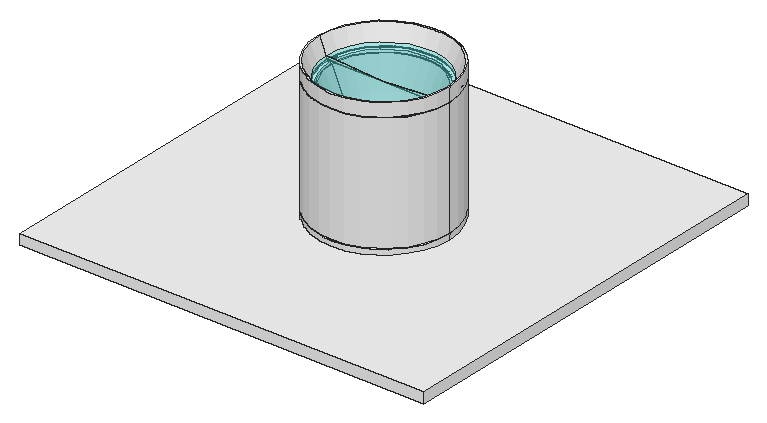
Revit family "BE_24400_de_DE", category Leuchten, Revit 2020
Family settings
  Basisbauteil = Fläche
  Bemaßung runder Anschluss = Durchmesser verwenden
  Teiletyp = Normal
  Beim Laden mit Abzugskörper schneiden = Ja
  Lichtquelle = Ja
  Gemeinsam genutzt = Nein
  Raumberechnungspunkt = Ja
Parameters (values of type "BEGA_24400_Weiß_K4")
  built-in parameter 1150104 = 14.4 (stored number, unit not read)
  Wattage = 8.1 W
  Default Elevation = 0 mm
  built-in parameter 1150113 = 1 (stored number, unit not read)
  built-in parameter 1114218 = 1 (stored number, unit not read)
  Umgebungstemperatur = "25 °C"
  URL = "https://www.bega.com/de/produkt/24400"
  Typenkommentare = "© 2022 BEGA. Wir behalten uns das Recht vor, technische Änderungen ohne vorherige Ankündigung vorzunehmen."  # constant formula
  Type Image = 24400.png
  built-in parameter 1150134 = 12
  built-in parameter 1150109 = 1 (stored number, unit not read)
  Strom = ""
  built-in parameter 1150110 = 1 (stored number, unit not read)
  Spannung = 239.996 V
  Sonderanfertigung = no
  Seriennummer [instance] = "Hier können Sie die eindeutige Seriennummer für das Facility Management eintragen."
  Schutzklasse = "I"
  Schutzart = "IP 65"
  Scheinlast = 0 VA
  Produktdatenblatt = "https://cdn.bega.com/bega/products/24400WK4/current/documents/data-sheets/de"
  Oberflächentemperatur = ""
  Neigungswinkel = 0.00°
  Modell = "24400WK4"
  Material_17 = BEGA_Reflektor
  Material_15 = BEGA_Leuchtmedium_matt
  Material_11 = BEGA_Glas_opal
  Material_09 = BEGA_Glas_klar
  Material_06 = BEGA_Oberfläche_Edelstahl_gebürstet
  Material_03 = BEGA_Oberfläche_Weiss_matt
  Material_02 = BEGA_Oberfläche_Silber_matt
  Material_01 [instance] = BEGA_Oberfläche_Grafit_matt
  M_W = yes
  M_G = no
  M_A = no
  Logo = 0
  built-in parameter 1114217 = 1 (stored number, unit not read)
  built-in parameter 1150139 = (empty or 0)
  built-in parameter 1150105 = 99.91 (stored number, unit not read)
  built-in parameter 1150114 = 1 (stored number, unit not read)
  Lumens = 1255.5 lm
  built-in parameter 1150115 = 1 (stored number, unit not read)
  Leuchtenlichtstrom = "1205 lm"
  Leuchtenanzahl = ""
  Lebensdauerkriterien = "L70B50 @ 25 °C = 200000 h"
  Lastklassifizierung = Beleuchtung
  built-in parameter 1150112 = 1 (stored number, unit not read)
  Lampenlichtstrom = "1500 lm"
  Lampe = "LED 8.1 W"
  LED_Modulbezeichnung = "LED-0800/840"
  Hersteller = "BEGA"  # constant formula
  Halbstreuwinkel = ""
  Gewicht = "1.3 kg"
  Gebrauchslageneinschränkung [instance] = ""
  Frequenz = "0/50-60 Hz"
  Farbwiedergabeindex = "CRI > 80"
  Farbtemperaturverschiebung bei Dämpfen der Lampe = <Keine Auswahl>
  Farbtemperatur = "4000 K"
  Color Filter = 16777215
  built-in parameter 1150133 = 10 (stored number, unit not read)
  Energieeffizienzklasse = "LED A++ - A"
  built-in parameter 1150137 = (empty or 0)
  built-in parameter 1150132 = (empty or 0)
  ENEC = "ja"
  Dimmbar [instance] = "DALI"
  Datei für fotometrisches Netz = "BE_24400K4.IES"
  CE_Konformität = "ja"
  Bestellnummer = "24400WK4"
  Beschreibung_Sonderanfertigung = "Hier können Sie Informationen zur Sonderanfertigung eintragen."
  Beschreibung = "Deckenaufbau-Tiefstrahler"
  built-in parameter 1150106 = 0.9991 (stored number, unit not read)
  Befestigungsbohrung = "Ø 4,3 mm"
  Befestigungsabstand = "106 mm"
  Ballwurfsicher = ""
  BEGA_Intern_aus = yes
  BEGA_Intern_an = yes
  BEGA_Intern_Konstruktion = yes
  BEGA_Intern = yes
  BEGA_IES = yes
  BEGA_Dummy = no
  Anschlussleitung = ""
  Anschlussleistung [instance] = "9.5 W"
  Anschlusskasten = ""
  built-in parameter 1150107 = 4000 (stored number, unit not read)
  built-in parameter 1150102 = (empty or 0)
  built-in parameter 1150138 = (empty or 0)
  Aktualisierung = "2022-05-18T04:00:07"
  Abstand_zur_angestrahlten_Fläche [instance] = ""
  AC/DC = "AC/DC"
Types (4, lengths in mm): name | built-in parameter 1150104 | built-in parameter 1150134 | Modell | M_W | M_G | built-in parameter 1150105 | Lumens | Leuchtenlichtstrom | Lampenlichtstrom | LED_Modulbezeichnung | Farbtemperatur | Datei für fotometrisches Netz | Bestellnummer | built-in parameter 1150106 | built-in parameter 1150107
  BEGA_24400_Grafit_K4 | 14.4 (stored number, unit not read) | 12 | "24400K4" | no | yes | 99.91 (stored number, unit not read) | 1255.5 lm | "1205 lm" | "1500 lm" | "LED-0800/840" | "4000 K" | "BE_24400K4.IES" | "24400K4" | 0.9991 (stored number, unit not read) | 4000 (stored number, unit not read)
  BEGA_24400_Grafit_K3 | 14.028 (stored number, unit not read) | (empty or 0) | "24400K3" | no | yes | 97.331 (stored number, unit not read) | 1223.1 lm | "1177 lm" | "1465 lm" | "LED-0800/830" | "3000 K" | "BE_24400K3.IES" | "24400K3" | 0.97331 (stored number, unit not read) | 3000 (stored number, unit not read)
  BEGA_24400_Weiß_K3 | 14.028 (stored number, unit not read) | (empty or 0) | "24400WK3" | yes | no | 97.331 (stored number, unit not read) | 1223.1 lm | "1177 lm" | "1465 lm" | "LED-0800/830" | "3000 K" | "BE_24400K3.IES" | "24400WK3" | 0.97331 (stored number, unit not read) | 3000 (stored number, unit not read)
  BEGA_24400_Weiß_K4 | 14.4 (stored number, unit not read) | 12 | "24400WK4" | yes | no | 99.91 (stored number, unit not read) | 1255.5 lm | "1205 lm" | "1500 lm" | "LED-0800/840" | "4000 K" | "BE_24400K4.IES" | "24400WK4" | 0.9991 (stored number, unit not read) | 4000 (stored number, unit not read)
Reference planes
  plane 1 "Mitte (Vorne/Hinten)": y = 0
  plane 2: z = 0
  plane 3 "Mitte (Links/Rechts)": x = 0
  plane 4 "Links": x = -65
  plane 5 "Rechts": x = 65
  plane 6 "Unten": y = -65
  plane 7 "Oben": y = 65
  plane 8 "Vorne": z = 135.379
  plane 9 "Hinten": z = 0
Forms (mm)
  Extrusion 1, solid, material "BEGA_Platte_Weiss"
    sketch origin (0, -1119.2, 0) x (1, 0, 0) y (0, 1, 0)
      loop
        line (-200, 1319.2) -> (-200, 919.2) -> (200, 919.2) -> (200, 1319.2) -> (-200, 1319.2)
    from 0 to -10
  Extrusion 2, solid, material "BEGA_Dummy_matt", visible <- "BEGA_Dummy"
    sketch origin (77.149, -76.023, 0) x (1, 0, 0) y (0, 1, 0)
      loop
        circle (-77.149, 76.023) r 65
    from 0 to 135.379
Dimensions and locks
  plane 1 "Mitte (Vorne/Hinten)" to Extrusion 1 = 200 mm
  aligned and locked: plane 2 to Extrusion 1
  aligned and locked: level to Extrusion 1
Nested families
  nested 1: "BE_24400" at (0, 0, 0), type "BE_24400"
Connectors
  electrical at (0, 0, 0), driven by "Lastklassifizierung", driven by "Spannung", driven by "Scheinlast"
    settings: index 1, voltage 239.996 V, apparent load 0 VA, apparent load phase1 0 VA, apparent load phase2 0 VA, apparent load phase3 0 VA, power factor 1, load classification "Beleuchtung", number of poles 1, system type 31, power factor state 1, is connector primary yes, connector utility no, sub classification motor no, connector description ""
Definition of nested family "BE_24400"
  Parameters (values of type "BE_24400")
    Default Elevation = 1 mm
    URL = "http://www.bega.de/de/produkt"
    Type Comments = "© 2015 BEGA. Wir behalten uns das Recht vor, technische Änderungen ohne vorherige Ankündigung vorzunehmen. "  # constant formula
    Type Image = (empty or 0)
    Neigungswinkel_um_Z2 = 0.00°
    Neigungswinkel_um_Z1 = 0.00°
    Neigungswinkel_um_Y2 = 0.00°
    Neigungswinkel_um_Y1 = 0.00°
    Neigungswinkel_um_X2 = 0.00°
    Neigungswinkel_um_X1 = 0.00°
    Material_17 = none
    Material_15 = none
    Material_11 = none
    Material_09 = none
    Material_06 = none
    Material_03 = none
    Material_02 = none
    Material_01 = none
    M_W = yes
    M_G = no
    M_A = no
    Länge_Platte = 200 mm  # constant formula
    Höhe_Platte = -10 mm  # constant formula
    Manufacturer = "BEGA"  # constant formula
    Drehwinkel_um_Z2 = 0.00°
    Drehwinkel_um_Z1 = 0.00°
    Breite_Platte = 200 mm  # constant formula
  Reference planes
    plane 1 "Mitte (Oben/Unten)": y = 0
    plane 2: z = 0
    plane 3 "Mitte (Links/Rechts)": x = 0
    plane 4 "Hinten": z = -25
    plane 5 "Links": x = -65
    plane 6 "Oben": y = 65
    plane 7 "Unten": y = -65
    plane 8: z = 135.2
    plane 9: x = 65
  Forms (mm)
    Extrusion 1, solid, detail levels medium
      sketch origin (0, 0, 0) x (1, 0, 0) y (0, 1, 0)
        loop
          line (-100, 100) -> (-100, -100) -> (100, -100) -> (100, 100) -> (-100, 100)
      from 0 to -10 <- "Höhe_Platte"
    Revolve 2, solid, material <- "Material_01", visible <- "M_G"
      sketch origin (0, 0, 0) x (1, 0, 0) y (0, 0, 1)
        loop
          line (-65, 121.2) -> (-65, 6) -> (-64.092, 6) -> (-63, 9) -> (-62.1, 25) -> (-55, 25) -> (-54.11, 50.5) -> (0, 50.5) -> (0, 55.5) -> (-53.369, 55.5) -> (-54.966, 101.236)
          arc (-54.966, 101.236) -> (-55.271, 101.92) -> (-55.966, 102.2) r 1
          line (-55.966, 102.2) -> (-62.302, 102.2) -> (-62.845, 117.775) -> (-64.092, 121.2) -> (-65, 121.2)
        axis (0, 6) -> (0, 121.2)
      angle from 0 to 360
    Revolve 3, solid, material <- "Material_17"
      sketch origin (0, 0, 0) x (1, 0, 0) y (0, 0, 1)
        loop
          arc (-52.341, 113) -> (-40.494, 85.573) -> (-25.593, 59.678) r 261.2
          arc (-25.593, 59.678) -> (-25.072, 59.192) -> (-24.386, 59) r 1.5
          line (-24.386, 59) -> (-23, 59)
          arc (-23, 59) -> (-22.613, 59.184) -> (-22.51, 59.6) r 0.5
          arc (-22.51, 59.6) -> (-22.613, 60.016) -> (-23, 60.2) r 0.5
          line (-23, 60.2) -> (-24.484, 60.2)
          arc (-24.484, 60.2) -> (-39.558, 86.414) -> (-51.486, 114.2) r 259.987
          line (-51.486, 114.2) -> (-56.02, 114.198) -> (-56.5, 113) -> (-52.341, 113)
        axis (0, 59) -> (0, 114.2)
      angle from 0 to 360
    Revolve 4, solid, material <- "Material_09"
      sketch origin (0, 0, 0) x (1, 0, 0) y (0, 0, 1)
        loop
          line (0, 120.8) -> (-56, 120.8) -> (-56, 116.7) -> (0, 116.7) -> (0, 120.8)
        axis (0, 120.8) -> (0, 116.7)
      angle from 0 to 360
    Revolve 5, solid, material <- "Material_01", visible <- "M_G"
      sketch origin (0, 0, 0) x (1, 0, 0) y (0, 0, 1)
        loop
          line (-63.5, 135.2) -> (-65, 135.2) -> (-65, 122.217) -> (-62.884, 121.994) -> (-61, 118.468) -> (-62, 117.891) -> (-62, 109.35) -> (-60.078, 108.7) -> (-57.839, 108.7) -> (-57.704, 112.686) -> (-56.75, 114.2) -> (-53.087, 114.2) -> (-53.017, 116.2) -> (-56.465, 116.2) -> (-56.5, 117.2) -> (-63.5, 135.2)
        axis (0, 108.7) -> (0, 135.2)
      angle from 0 to 360
    Revolve 6, solid, material <- "Material_03", visible <- "M_W"
      sketch origin (0, 0, 0) x (1, 0, 0) y (0, 0, 1)
        loop
          line (-65, 121.2) -> (-65, 6) -> (-64.092, 6) -> (-63, 9) -> (-62.1, 25) -> (-55, 25) -> (-54.11, 50.5) -> (0, 50.5) -> (0, 55.5) -> (-53.369, 55.5) -> (-54.966, 101.236)
          arc (-54.966, 101.236) -> (-55.271, 101.92) -> (-55.966, 102.2) r 1
          line (-55.966, 102.2) -> (-62.302, 102.2) -> (-62.845, 117.775) -> (-64.092, 121.2) -> (-65, 121.2)
        axis (0, 6) -> (0, 121.2)
      angle from 0 to 360
    Revolve 7, solid, material <- "Material_03", visible <- "M_W"
      sketch origin (0, 0, 0) x (1, 0, 0) y (0, 0, 1)
        loop
          line (-63.5, 135.2) -> (-65, 135.2) -> (-65, 122.217) -> (-62.884, 121.994) -> (-61, 118.468) -> (-62, 117.891) -> (-62, 109.35) -> (-60.078, 108.7) -> (-57.839, 108.7) -> (-57.704, 112.686) -> (-56.75, 114.2) -> (-53.087, 114.2) -> (-53.017, 116.2) -> (-56.465, 116.2) -> (-56.5, 117.2) -> (-63.5, 135.2)
        axis (0, 108.7) -> (0, 135.2)
      angle from 0 to 360
    Revolve 8, solid, material <- "Material_15"
      sketch origin (0, 0, 0) x (1, 0, 0) y (0, 0, 1)
        loop
          line (0, 55.5) -> (0, 57.05) -> (-16, 57.05) -> (-16, 55.5) -> (0, 55.5)
        axis (0, 55.5) -> (0, 57.05)
      angle from 0 to 360
    Revolve 9, solid, material <- "Material_01", visible <- "M_G"
      sketch origin (0, 0, 0) x (1, 0, 0) y (0, 0, 1)
        loop
          line (0, 16.965) -> (-62, 16.965) -> (-62, 5.299) -> (-65, 4.983) -> (-65, 0) -> (-58.105, 0) -> (-57.651, 13) -> (0, 13) -> (0, 16.965)
        axis (0, 16.965) -> (0, 0)
      angle from 0 to 360
    Extrusion 10, solid, material <- "Material_01", visible <- "M_G"
      sketch origin (0, 0, 0) x (1, 0, 0) y (0, 1, 0)
        loop
          circle (-52.936, 0) r 6.124
        loop
          circle (-52.936, 0) r 2.126
        loop
          circle (52.936, 0) r 6.124
        loop
          circle (52.936, 0) r 2.126
      from 0 to 19.372
    Revolve 11, solid, material <- "Material_03", visible <- "M_W"
      sketch origin (0, 0, 0) x (1, 0, 0) y (0, 0, 1)
        loop
          line (0, 16.965) -> (-62, 16.965) -> (-62, 5.299) -> (-65, 4.983) -> (-65, 0) -> (-58.105, 0) -> (-57.651, 13) -> (0, 13) -> (0, 16.965)
        axis (0, 16.965) -> (0, 0)
      angle from 0 to 360
    Extrusion 12, solid, material <- "Material_03", visible <- "M_W"
      sketch origin (0, 0, 0) x (1, 0, 0) y (0, 1, 0)
        loop
          circle (-52.936, 0) r 6.124
        loop
          circle (-52.936, 0) r 2.126
        loop
          circle (52.936, 0) r 6.124
        loop
          circle (52.936, 0) r 2.126
      from 0 to 19.372
    Extrusion 13, void
      sketch origin (0, 0, 0) x (1, 0, 0) y (0, 1, 0)
        loop
          circle (-25, -37.5) r 7.197
        loop
          circle (-25, 37.5) r 7.197
      from 0 to 18.348
  Cuts and joins
    Extrusion 13 cuts Revolve 9
    Extrusion 13 cuts Extrusion 10
    joined: Revolve 9, Extrusion 10
    Extrusion 13 cuts Revolve 11
    Extrusion 13 cuts Extrusion 12
    joined: Revolve 11, Extrusion 12
    Extrusion 13 cuts Revolve 2
    Extrusion 13 cuts Revolve 3
    Extrusion 13 cuts Revolve 4
    Extrusion 13 cuts Revolve 6
  Dimensions and locks
    equal spacing: Extrusion 1 sketch curve, plane 3 "Mitte (Links/Rechts)", Extrusion 1 sketch curve
    equal spacing: Extrusion 1 sketch curve, plane 1 "Mitte (Oben/Unten)", Extrusion 1 sketch curve
    "Länge_Platte": Extrusion 1 sketch curve to Extrusion 1 sketch curve
    "Breite_Platte": Extrusion 1 sketch curve to Extrusion 1 sketch curve
    aligned and locked: plane 2 to Extrusion 1
    aligned and locked: level to Extrusion 1
  Automatic sketch dimensions
    Revolve 2 sketch curve to plane 3 "Mitte (Links/Rechts)" = 0 mm  (x2)
    Revolve 2 sketch curve to plane 3 "Mitte (Links/Rechts)" = 53.369 mm
    Revolve 2 sketch curve to Revolve 2 sketch curve = 0.74 mm
    Revolve 2 sketch curve to Revolve 2 sketch curve = 1.597 mm
    Revolve 2 sketch curve to Revolve 2 sketch curve = 0.89 mm
    Revolve 2 sketch curve to Revolve 2 sketch curve = 0.999 mm
    Revolve 2 sketch curve to Revolve 2 sketch curve = 7.1 mm
    Revolve 2 sketch curve to Revolve 2 sketch curve = 6.336 mm
    Revolve 2 sketch curve to Revolve 2 sketch curve = 0.544 mm
    level to Revolve 2 sketch curve = 9 mm
    Revolve 2 sketch curve to Revolve 2 sketch curve = 0.9 mm
    Revolve 2 sketch curve to Revolve 2 sketch curve = 1.246 mm
    level to Revolve 2 sketch curve = 6 mm
    Revolve 2 sketch curve to Revolve 2 sketch curve = 1.092 mm
    Revolve 2 sketch curve to Revolve 2 sketch curve = 0.908 mm
    Revolve 2 sketch curve to Revolve 2 sketch curve = 16 mm
    level to Revolve 2 sketch curve = 50.5 mm
    Revolve 2 sketch curve to Revolve 2 sketch curve = 5 mm
    Revolve 2 sketch curve to Revolve 2 sketch curve = 45.7 mm
    Revolve 2 sketch curve to Revolve 2 sketch curve = 0.036 mm
    Revolve 2 sketch curve to Revolve 2 sketch curve = 15.575 mm
    Revolve 2 sketch curve to Revolve 2 sketch curve = 3.425 mm
    Revolve 2 sketch curve to Revolve 2 sketch curve = 8.8 mm
    Revolve 2 sketch curve to Revolve 2 sketch curve = 31.2 mm
    Revolve 3 sketch curve to Revolve 3 sketch curve = 0 mm  (x5)
    Revolve 3 sketch curve to plane 3 "Mitte (Links/Rechts)" = 0 mm
    Revolve 3 sketch curve to plane 3 "Mitte (Links/Rechts)" = 23 mm
    Revolve 3 sketch curve to Revolve 3 sketch curve = 1.337 mm
    Revolve 3 sketch curve to Revolve 3 sketch curve = 1.386 mm
    Revolve 3 sketch curve to Revolve 3 sketch curve = 0.146 mm
    Revolve 3 sketch curve to plane 3 "Mitte (Links/Rechts)" = 51.486 mm
    Revolve 3 sketch curve to Revolve 3 sketch curve = 0.855 mm
    Revolve 3 sketch curve to Revolve 3 sketch curve = 3.68 mm
    Revolve 3 sketch curve to Revolve 3 sketch curve = 0.48 mm
    Revolve 3 sketch curve to Revolve 3 sketch curve = 0.002 mm
    Revolve 3 sketch curve to Revolve 3 sketch curve = 1.198 mm
    Revolve 3 sketch curve to Revolve 3 sketch curve = 0.299 mm
    Revolve 3 sketch curve to Revolve 3 sketch curve = 0.5 mm  (x2)
    Revolve 3 sketch curve to Revolve 3 sketch curve = 0.2 mm
    Revolve 3 sketch curve to Revolve 3 sketch curve = 25.304 mm
    Revolve 3 sketch curve to Revolve 3 sketch curve = 12.968 mm
    Revolve 4 sketch curve to plane 3 "Mitte (Links/Rechts)" = 0 mm  (x2)
    Revolve 4 sketch curve to Revolve 4 sketch curve = 56 mm
    Revolve 4 sketch curve to Revolve 4 sketch curve = 4.1 mm
    Revolve 4 sketch curve to Revolve 4 sketch curve = 6.161 mm
    Revolve 4 sketch curve to Revolve 4 sketch curve = 5 mm
    Revolve 5 sketch curve to plane 3 "Mitte (Links/Rechts)" = 0 mm
    Revolve 5 sketch curve to plane 3 "Mitte (Links/Rechts)" = 53.017 mm
    Revolve 5 sketch curve to Revolve 5 sketch curve = 0.07 mm
    Revolve 5 sketch curve to Revolve 5 sketch curve = 3.448 mm
    Revolve 5 sketch curve to Revolve 5 sketch curve = 0.035 mm
    Revolve 5 sketch curve to Revolve 5 sketch curve = 0.285 mm
    Revolve 5 sketch curve to Revolve 5 sketch curve = 0.954 mm
    Revolve 5 sketch curve to Revolve 5 sketch curve = 0.136 mm
    Revolve 5 sketch curve to Revolve 5 sketch curve = 2.239 mm
    Revolve 5 sketch curve to Revolve 5 sketch curve = 4.5 mm
    Revolve 5 sketch curve to Revolve 5 sketch curve = 1.922 mm
    Revolve 5 sketch curve to Revolve 5 sketch curve = 1.884 mm
    Revolve 5 sketch curve to Revolve 5 sketch curve = 0.616 mm
    Revolve 5 sketch curve to Revolve 5 sketch curve = 2.116 mm
    Revolve 5 sketch curve to Revolve 5 sketch curve = 0.65 mm
    Revolve 5 sketch curve to Revolve 5 sketch curve = 3.986 mm
    Revolve 5 sketch curve to Revolve 5 sketch curve = 1.514 mm
    Revolve 5 sketch curve to Revolve 5 sketch curve = 2 mm
    Revolve 5 sketch curve to Revolve 5 sketch curve = 1 mm
    Revolve 5 sketch curve to Revolve 5 sketch curve = 0.691 mm
    Revolve 5 sketch curve to Revolve 5 sketch curve = 0.577 mm
    Revolve 5 sketch curve to Revolve 5 sketch curve = 3.526 mm
    Revolve 5 sketch curve to Revolve 5 sketch curve = 0.222 mm
    Revolve 5 sketch curve to Revolve 5 sketch curve = 12.983 mm
    Revolve 5 sketch curve to Revolve 5 sketch curve = 15 mm
    Revolve 5 sketch curve to Revolve 5 sketch curve = 16.437 mm
    Revolve 6 sketch curve to plane 3 "Mitte (Links/Rechts)" = 0 mm  (x2)
    Revolve 6 sketch curve to plane 3 "Mitte (Links/Rechts)" = 53.369 mm
    Revolve 6 sketch curve to Revolve 6 sketch curve = 0.74 mm
    Revolve 6 sketch curve to Revolve 6 sketch curve = 1.597 mm
    Revolve 6 sketch curve to Revolve 6 sketch curve = 0.89 mm
    Revolve 6 sketch curve to Revolve 6 sketch curve = 0.999 mm
    Revolve 6 sketch curve to Revolve 6 sketch curve = 7.1 mm
    Revolve 6 sketch curve to Revolve 6 sketch curve = 6.336 mm
    Revolve 6 sketch curve to Revolve 6 sketch curve = 0.544 mm
    level to Revolve 6 sketch curve = 9 mm
    Revolve 6 sketch curve to Revolve 6 sketch curve = 0.9 mm
    Revolve 6 sketch curve to Revolve 6 sketch curve = 1.246 mm
    level to Revolve 6 sketch curve = 6 mm
    Revolve 6 sketch curve to Revolve 6 sketch curve = 1.092 mm
    Revolve 6 sketch curve to Revolve 6 sketch curve = 0.908 mm
    Revolve 6 sketch curve to Revolve 6 sketch curve = 16 mm
    level to Revolve 6 sketch curve = 50.5 mm
    Revolve 6 sketch curve to Revolve 6 sketch curve = 5 mm
    Revolve 6 sketch curve to Revolve 6 sketch curve = 45.7 mm
    Revolve 6 sketch curve to Revolve 6 sketch curve = 0.036 mm
    Revolve 6 sketch curve to Revolve 6 sketch curve = 15.575 mm
    Revolve 6 sketch curve to Revolve 6 sketch curve = 3.425 mm
    Revolve 6 sketch curve to Revolve 6 sketch curve = 8.8 mm
    Revolve 6 sketch curve to Revolve 6 sketch curve = 31.2 mm
    Revolve 7 sketch curve to plane 3 "Mitte (Links/Rechts)" = 0 mm
    Revolve 7 sketch curve to plane 3 "Mitte (Links/Rechts)" = 53.017 mm
    Revolve 7 sketch curve to Revolve 7 sketch curve = 0.07 mm
    Revolve 7 sketch curve to Revolve 7 sketch curve = 3.448 mm
    Revolve 7 sketch curve to Revolve 7 sketch curve = 0.035 mm
    Revolve 7 sketch curve to Revolve 7 sketch curve = 0.285 mm
    Revolve 7 sketch curve to Revolve 7 sketch curve = 0.954 mm
    Revolve 7 sketch curve to Revolve 7 sketch curve = 0.136 mm
    Revolve 7 sketch curve to Revolve 7 sketch curve = 2.239 mm
    Revolve 7 sketch curve to Revolve 7 sketch curve = 4.5 mm
    Revolve 7 sketch curve to Revolve 7 sketch curve = 1.922 mm
    Revolve 7 sketch curve to Revolve 7 sketch curve = 1.884 mm
    Revolve 7 sketch curve to Revolve 7 sketch curve = 0.616 mm
    Revolve 7 sketch curve to Revolve 7 sketch curve = 2.116 mm
    Revolve 7 sketch curve to Revolve 7 sketch curve = 0.65 mm
    Revolve 7 sketch curve to Revolve 7 sketch curve = 3.986 mm
    Revolve 7 sketch curve to Revolve 7 sketch curve = 1.514 mm
    Revolve 7 sketch curve to Revolve 7 sketch curve = 2 mm
    Revolve 7 sketch curve to Revolve 7 sketch curve = 1 mm
    Revolve 7 sketch curve to Revolve 7 sketch curve = 0.691 mm
    Revolve 7 sketch curve to Revolve 7 sketch curve = 0.577 mm
    Revolve 7 sketch curve to Revolve 7 sketch curve = 3.526 mm
    Revolve 7 sketch curve to Revolve 7 sketch curve = 0.222 mm
    Revolve 7 sketch curve to Revolve 7 sketch curve = 12.983 mm
    Revolve 7 sketch curve to Revolve 7 sketch curve = 15 mm
    Revolve 7 sketch curve to Revolve 7 sketch curve = 16.437 mm
    Revolve 8 sketch curve to plane 3 "Mitte (Links/Rechts)" = 0 mm  (x2)
    Revolve 8 sketch curve to Revolve 8 sketch curve = 16 mm
    level to Revolve 8 sketch curve = 55.5 mm
    Revolve 8 sketch curve to Revolve 8 sketch curve = 1.55 mm
    Revolve 8 sketch curve to Revolve 8 sketch curve = 1.95 mm
    Revolve 8 sketch curve to Revolve 8 sketch curve = 2.56 mm
    level to Revolve 3 sketch curve = 59 mm
    Revolve 3 sketch curve to Revolve 3 sketch curve = 52.501 mm
    level to Revolve 4 sketch curve = 116.7 mm
    level to Revolve 5 sketch curve = 108.7 mm
    level to Revolve 7 sketch curve = 108.7 mm
    plane 3 "Mitte (Links/Rechts)" to Revolve 3 sketch curve = 192.978 mm
    Revolve 9 sketch curve to level = 0 mm
    Revolve 9 sketch curve to plane 5 "Links" = 0 mm
    Revolve 9 sketch curve to plane 3 "Mitte (Links/Rechts)" = 0 mm  (x2)
    plane 5 "Links" to Revolve 9 sketch curve = 3 mm
    Revolve 9 sketch curve to Revolve 9 sketch curve = 3.895 mm
    Revolve 9 sketch curve to Revolve 9 sketch curve = 4.349 mm
    Revolve 9 sketch curve to Revolve 9 sketch curve = 4.983 mm
    Revolve 9 sketch curve to Revolve 9 sketch curve = 0.315 mm
    Revolve 9 sketch curve to Revolve 9 sketch curve = 7.701 mm
    Revolve 9 sketch curve to Revolve 9 sketch curve = 3.965 mm
    Revolve 9 sketch curve to Revolve 9 sketch curve = 7.075 mm
    Revolve 9 sketch curve to Revolve 9 sketch curve = 9.203 mm
    Extrusion 10 sketch curve to Extrusion 10 sketch curve = 0 mm  (x4)
    plane 1 "Mitte (Oben/Unten)" to Extrusion 10 sketch curve = 0 mm  (x2)
    plane 5 "Links" to Extrusion 10 sketch curve = 12.064 mm
    Extrusion 10 sketch curve to plane 9 = 12.064 mm
    Revolve 11 sketch curve to level = 0 mm
    Revolve 11 sketch curve to plane 5 "Links" = 0 mm
    Revolve 11 sketch curve to plane 3 "Mitte (Links/Rechts)" = 0 mm  (x2)
    plane 5 "Links" to Revolve 11 sketch curve = 3 mm
    Revolve 11 sketch curve to Revolve 11 sketch curve = 3.895 mm
    Revolve 11 sketch curve to Revolve 11 sketch curve = 4.349 mm
    Revolve 11 sketch curve to Revolve 11 sketch curve = 4.983 mm
    Revolve 11 sketch curve to Revolve 11 sketch curve = 0.315 mm
    Revolve 11 sketch curve to Revolve 11 sketch curve = 7.701 mm
    Revolve 11 sketch curve to Revolve 11 sketch curve = 3.965 mm
    Revolve 11 sketch curve to Revolve 11 sketch curve = 7.075 mm
    Revolve 11 sketch curve to Revolve 11 sketch curve = 9.203 mm
    Extrusion 12 sketch curve to Extrusion 12 sketch curve = 0 mm  (x4)
    plane 1 "Mitte (Oben/Unten)" to Extrusion 12 sketch curve = 0 mm  (x2)
    plane 5 "Links" to Extrusion 12 sketch curve = 12.064 mm
    Extrusion 12 sketch curve to plane 9 = 12.064 mm
    radius of Extrusion 10 sketch curve = 6.124 mm  (x2)
    radius of Extrusion 10 sketch curve = 2.126 mm  (x2)
    radius of Extrusion 12 sketch curve = 6.124 mm  (x2)
    radius of Extrusion 12 sketch curve = 2.126 mm  (x2)
